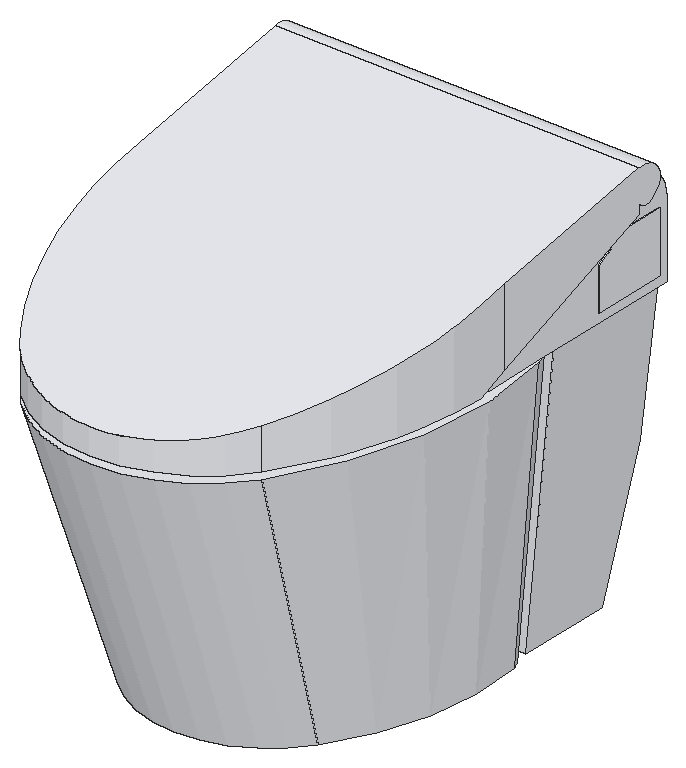
Revit family "Toilet-Elongated_Contemporary_Neorest_MS980CMG_TOTO", category Plumbing Fixtures, host Face, Revit 2013
Parameters (values of type "MS980CMG")
  ecoScorecard_data = "http://toto.ecoscorecard.com/product/MS980CMG"
  ecoScorecard Product Page = "http://toto.ecoscorecard.com/product/MS980CMG"
  Width = 15 5/16"  # constant formula
  WaterSense = no
  Waste Connection Wall Offset = 12"
  Waste Connection Radius = 2"
  Waste Connection NPT Radius = 1 7/32"  # constant formula
  Waste Connection = yes
  Warranty URL = "http://www.totousa.com/warranty-registration"
  Warranty = "Three year Limited (Residential), One Year Limited (Commercial)"  # constant formula
  WFU = 0
  Voltage = 120 V
  Vent Connection = yes
  URL = "http://www.totousa.com"
  Toto BIM Number = "BM-00298"  # constant formula
  Supply Connection Offset from Center = 5 63/64"
  Supply Connection Height Offset = 5 63/64"
  Subcategory = "Toilets"  # constant formula
  Style = "Contemporary"  # constant formula
  Spec Sheet URL = "http://assets.totousa.com/product-files/SS-00163_MS980CMG.pdf"
  Shipping Weight = 112.00 lbf
  Series = "Neorest"  # constant formula
  Seat Material = "Plastic"  # constant formula
  Seat Finish = Plastic - TOTO - 01 Cotton
  SanoGloss Available = yes
  Rough in Distance = 12"  # constant formula
  Rough in Availability = "12”"  # constant formula
  Product Page URL = " "
  Parts Manual URL = " "
  Owners Manual URL = "  "
  Number of Poles = 1
  Mount Type = "Floor-Mounted"  # constant formula
  Model = "MS980CMG"  # constant formula
  Manufacturer Phone - Toll Free = "1-888-295-8134"  # constant formula
  Manufacturer Phone = "(770) 282-8686 "  # constant formula
  Manufacturer Fax = "(770) 282-0002"  # constant formula
  Manufacturer Email = "mailto:custservice@totousa.com "
  Manufacturer Address = "1155 Southern Road, Morrow, Georgia 30260"  # constant formula
  Manufacturer = "TOTO USA, Inc."  # constant formula
  Lid [instance] = yes
  Length = 26 1/2"  # constant formula
  Installation URL = " "
  Industry Standards = "Meets and exceeds ASME A112.19.2/CSA B45.1"  # constant formula
  Height = 21 3/8"  # constant formula
  HWFU = 0
  HW Connection = no
  Gallons Per Flush = 1.6 gal
  Frequency = 60 Hz
  Flush System = "Cyclone Siphon Jet"  # constant formula
  Finish = Vitreous China - TOTO - 01 Cotton
  Dual Gallons Per Flush = "1.6 Gallons / 0.9 Gallons"  # constant formula
  Dual Flush = yes
  Description = "NeorestÂ® 550 Dual Flush Toilet, 1.6 GPF with SanaGlossÂ®"  # constant formula
  Default Elevation = 0"
  Cost Info = "mailto:custservice@totousa.com "
  Color Availability = "#01 Cotton, #03 Bone, #12 Sedona Beige"  # constant formula
  Cold Water Connection NPT Radius = 3/16"  # constant formula
  Code Compliance = "UPC, IPC, NSPC, NPC Canada, and others"  # constant formula
  Certifications = "IAPMO (cUPC), State of Massachusetts, City of Los Angeles, and others"  # constant formula
  CWFU = 0
  CW Connection = yes
  CAD Drawing URL = "http://assets.totousa.com/product-files/AD-00171_MS980CMG.dxf"
  Bowl Material = "Vitreous China"  # constant formula
  Assembly Code = "D2010110"
  Apparent Power = 1281 W
  ADA Compliant = yes
  95 CSI = "15410-800 "  # constant formula
  04 CSI = "22 42 13"  # constant formula
Reference planes (in)
  plane 1 "Center (Front/Back)": y = 0.25
  plane 2: z = 0
  plane 3 "Center (Left/Right)": x = 0
  plane 4: z = 14.76166
  plane 5: z = 10.18291
  plane 6: x = -7.54687
  plane 7: x = 7.625
  plane 8: y = -11.875
  plane 9: y = 12.375
  plane 10: y = 7.46388
  plane 11: z = 21.89374
Forms (in)
  Blend 1, solid, material "Vitreous China - TOTO - 01 Cotton" <- "Finish"
    base sketch origin (-60, -180.25, 16.14173) x (-1, 0, 0) y (0, -1, 0)
      loop
        arc (-52.77013, -187.72099) -> (-51.51743, -187.28007) -> (-50.81707, -186.15173) r 2
        arc (-50.81707, -186.15173) -> (-50.69768, -178.4162) -> (-53.62356, -171.25436) r 19.31454
        arc (-53.62356, -171.25436) -> (-60.00488, -167.84527) -> (-66.38619, -171.25436) r 7.67697
        arc (-66.38619, -171.25436) -> (-69.30976, -178.41826) -> (-69.18158, -186.15468) r 19.28147
        arc (-69.18158, -186.15468) -> (-68.48069, -187.28102) -> (-67.22917, -187.72099) r 2
        line (-67.22917, -187.72099) -> (-52.77013, -187.72099)
    top sketch origin (-60, -180.25, 16.14173) x (-1, 0, 0) y (0, -1, 0)
      loop
        line (-65.78214, -187.71033) -> (-54.22761, -187.71033)
        arc (-54.22761, -187.71033) -> (-53.10958, -187.36864) -> (-52.37356, -186.46033) r 2
        arc (-52.37356, -186.46033) -> (-52.59861, -181.16342) -> (-54.69802, -176.29511) r 14.61871
        arc (-54.69802, -176.29511) -> (-60.01245, -173.45598) -> (-65.32688, -176.29511) r 6.39347
        arc (-65.32688, -176.29511) -> (-67.42243, -181.16397) -> (-67.63619, -186.46033) r 14.55999
        arc (-67.63619, -186.46033) -> (-66.90017, -187.36864) -> (-65.78214, -187.71033) r 2
    from -0.95423 to -16.14173
  Extrusion 2, solid, material "Vitreous China - TOTO - 01 Cotton" <- "Finish"
    sketch origin (0, 0, 0) x (0, 1, 0) y (0, 0, 1)
      loop
        line (7.46033, 0) -> (12.46033, 0)
        arc (12.46033, 0) -> (14.1063, 7.53786) -> (14.33287, 15.25) r 41.62666
        line (14.33287, 15.25) -> (7.46033, 15.25) -> (7.46033, 0)
    from -9.16753 to 9.0951
  Extrusion 3, void
    sketch origin (60, 14.74019, 48) x (1, 0, 0) y (0, 0, 1)
      loop
        line (-52.7593, -48) -> (-50.9049, -48) -> (-50.9049, -28.69541) -> (-52.7593, -48)
    from 0 to 7.27494
  Extrusion 4, void
    sketch origin (-60, 14.74019, 48) x (-1, 0, 0) y (0, 0, -1)
      loop
        line (-52.7593, 48) -> (-50.08247, 20.13378) -> (-50.08247, 48) -> (-52.7593, 48)
    from 0 to 7.27494
  Extrusion 5, solid, material "Vitreous China - TOTO - 01 Cotton" <- "Finish"
    sketch origin (0, 0, 0) x (0, 1, 0) y (0, 0, 1)
      loop
        line (14.49938, 15.1875) -> (14.49938, 19.25555)
        arc (14.49938, 19.25555) -> (14.22817, 20.20138) -> (13.49696, 20.85976) r 1.78485
        arc (13.49696, 20.85976) -> (13.45127, 20.88117) -> (13.413, 20.84827) r 0.04645
        arc (13.413, 20.84827) -> (13.0816, 20.25798) -> (12.52636, 19.87069) r 1.51657
        line (12.52636, 19.87069) -> (2.71563, 15.9069)
        arc (2.71563, 15.9069) -> (2.54007, 15.76473) -> (2.47401, 15.54868) r 0.38635
        line (2.47401, 15.54868) -> (2.47401, 15.5057)
        arc (2.47401, 15.5057) -> (2.56721, 15.2807) -> (2.79221, 15.1875) r 0.3182
        line (2.79221, 15.1875) -> (14.49938, 15.1875)
    from -8.67176 to 9.06725
  Extrusion 6, solid, material "Vitreous China - TOTO - 01 Cotton" <- "Finish"
    sketch origin (0, 0, 0) x (0, 1, 0) y (0, 0, 1)
      loop
        arc (13.23596, 21.41666) -> (12.68935, 21.82278) -> (12.00901, 21.85203) r 1.1596
        arc (12.00901, 21.85203) -> (11.65221, 20.66246) -> (12.655, 19.92979) r 1.07535
        arc (12.655, 19.92979) -> (13.02533, 20.19919) -> (13.29836, 20.56685) r 1.51657
        arc (13.29836, 20.56685) -> (13.38946, 21.00073) -> (13.23596, 21.41666) r 0.80144
    from -9.66753 to 9.5951
  Extrusion 7, solid, material "Vitreous China - TOTO - 01 Cotton" <- "Finish"
    sketch origin (-60, -180, 16.14173) x (-1, 0, 0) y (0, -1, 0)
      loop
        spline (-54.00766, -173.83573) -> (-53.9212, -173.73359) -> (-53.87971, -173.58259) -> (-53.88604, -173.39302) -> (-53.93974, -173.17779) -> (-54.03716, -172.95157) -> (-54.17166, -172.72979) -> (-54.33407, -172.52755) -> (-54.51332, -172.35864) -> (-54.6972, -172.23456) -> (-54.87318, -172.16378) -> (-55.02926, -172.15111) -> (-55.15481, -172.19743)
        spline (-55.15481, -172.19743) -> (-55.24127, -172.29956) -> (-55.28275, -172.45056) -> (-55.27643, -172.64014) -> (-55.22273, -172.85537) -> (-55.12531, -173.08158) -> (-54.99081, -173.30337) -> (-54.8284, -173.50561) -> (-54.64915, -173.67452) -> (-54.46527, -173.79859) -> (-54.28929, -173.86938) -> (-54.13321, -173.88204) -> (-54.00766, -173.83573)
      loop
        spline (-65.99234, -173.83573) -> (-65.86679, -173.88204) -> (-65.71071, -173.86938) -> (-65.53473, -173.79859) -> (-65.35085, -173.67452) -> (-65.1716, -173.50561) -> (-65.00919, -173.30337) -> (-64.87469, -173.08158) -> (-64.77727, -172.85537) -> (-64.72357, -172.64014) -> (-64.71725, -172.45056) -> (-64.75873, -172.29956) -> (-64.84519, -172.19743)
        spline (-64.84519, -172.19743) -> (-64.97074, -172.15111) -> (-65.12682, -172.16378) -> (-65.3028, -172.23456) -> (-65.48668, -172.35864) -> (-65.66593, -172.52755) -> (-65.82834, -172.72979) -> (-65.96284, -172.95157) -> (-66.06026, -173.17779) -> (-66.11396, -173.39302) -> (-66.12029, -173.58259) -> (-66.0788, -173.73359) -> (-65.99234, -173.83573)
      loop
        spline (-52.60889, -180.00568) -> (-52.76908, -180.03605) -> (-52.91836, -180.1251) -> (-53.04654, -180.26674) -> (-53.14491, -180.45133) -> (-53.20674, -180.6663) -> (-53.22783, -180.89698) -> (-53.20674, -181.12767) -> (-53.14491, -181.34264) -> (-53.04654, -181.52723) -> (-52.91836, -181.66887) -> (-52.76908, -181.75792) -> (-52.60889, -181.78829)
        spline (-52.60889, -181.78829) -> (-52.4487, -181.75792) -> (-52.29942, -181.66887) -> (-52.17124, -181.52723) -> (-52.07288, -181.34264) -> (-52.01105, -181.12767) -> (-51.98996, -180.89698) -> (-52.01105, -180.6663) -> (-52.07288, -180.45133) -> (-52.17124, -180.26674) -> (-52.29942, -180.1251) -> (-52.4487, -180.03605) -> (-52.60889, -180.00568)
      loop
        spline (-67.39111, -180.00568) -> (-67.5513, -180.03605) -> (-67.70058, -180.1251) -> (-67.82876, -180.26674) -> (-67.92712, -180.45133) -> (-67.98895, -180.6663) -> (-68.01004, -180.89698) -> (-67.98895, -181.12767) -> (-67.92712, -181.34264) -> (-67.82876, -181.52723) -> (-67.70058, -181.66887) -> (-67.5513, -181.75792) -> (-67.39111, -181.78829)
        spline (-67.39111, -181.78829) -> (-67.23092, -181.75792) -> (-67.08164, -181.66887) -> (-66.95346, -181.52723) -> (-66.85509, -181.34264) -> (-66.79326, -181.12767) -> (-66.77217, -180.89698) -> (-66.79326, -180.6663) -> (-66.85509, -180.45133) -> (-66.95346, -180.26674) -> (-67.08164, -180.1251) -> (-67.23092, -180.03605) -> (-67.39111, -180.00568)
    from -1.24413 to -0.54851
  Extrusion 8, solid, material "Vitreous China - TOTO - 01 Cotton" <- "Finish"
    sketch origin (9.06725, 0, 0) x (0, 1, 0) y (0, 0, 1)
      loop
        line (11.46632, 18.99294) -> (9.95848, 17.97589) -> (9.95848, 15.74294) -> (13.95848, 15.74294) -> (13.95848, 18.99294) -> (11.46632, 18.99294)
    from 0 to 0.07561
  Extrusion 9, solid, material "Vitreous China - TOTO - 01 Cotton" <- "Finish"
    sketch origin (0, 0, 0) x (0, 1, 0) y (0, 0, 1)
      loop
        line (-12.40473, 16.95792) -> (-12.40473, 15.56031) -> (1.49191, 15.56031) -> (12.655, 19.92979)
        arc (12.655, 19.92979) -> (11.6415, 20.69616) -> (12.06611, 21.89374) r 1.07535
        arc (12.06611, 21.89374) -> (-0.2087, 19.62109) -> (-12.40473, 16.95792) r 391.16777
    from -10.47421 to 11.24779
  Extrusion 10, void
    sketch origin (0, 0, 0) x (1, 0, 0) y (0, 1, 0)
      loop
        line (-9.66753, 12.00901) -> (-9.66753, 3.04412)
        arc (-9.66753, 3.04412) -> (-9.00165, -3.24356) -> (-6.37644, -8.99564) r 19.68177
        arc (-6.37644, -8.99564) -> (0.00488, -12.40473) -> (6.38619, -8.99564) r 7.67697
        arc (6.38619, -8.99564) -> (8.98998, -3.24211) -> (9.5951, 3.04412) r 19.28147
        line (9.5951, 3.04412) -> (9.5951, 12.00901) -> (-9.66753, 12.00901)
      loop
        line (-12.90966, -17.27885) -> (14.71495, -17.27885) -> (14.71495, 20.38823) -> (-12.90966, 20.38823) -> (-12.90966, -17.27885)
    from 10.74564 to 23.47659
Cuts and joins
  Extrusion 4 cuts Blend 1
  Extrusion 3, Extrusion 4 cuts Extrusion 2
  Extrusion 10 cuts Extrusion 7
  Extrusion 10 cuts Extrusion 9
  joined: Blend 1, Extrusion 2, Extrusion 5, Extrusion 6, Extrusion 7, Extrusion 8, Extrusion 9
Lines and regions (in)
  Masking region 1
    outline origin (-60, -180, 16.14173) x (-1, 0, 0) y (0, -1, 0)
      loop
        line (-69.5951, -180.31784) -> (-69.5951, -193.39161) -> (-69.14286, -193.39161) -> (-69.14286, -193.95848) -> (-69.06725, -193.95848) -> (-69.06725, -194.49938) -> (-51.32824, -194.49938) -> (-51.32824, -193.39161) -> (-50.33247, -193.39161) -> (-50.33247, -180.31784)
        arc (-50.33247, -180.31784) -> (-50.67253, -176.65368) -> (-51.73019, -173.12904) r 18.5237
        arc (-51.73019, -173.12904) -> (-59.96379, -167.88157) -> (-68.19738, -173.12904) r 9.08324
        arc (-68.19738, -173.12904) -> (-69.25504, -176.65368) -> (-69.5951, -180.31784) r 18.5237
      loop
        line (-50.37617, -192.01944) -> (-50.37617, -191.98871) -> (-69.57027, -191.98871) -> (-69.57027, -192.01944) -> (-50.37617, -192.01944)
Dimensions and locks (in)
  plane 7 to plane 6 = 15 11/64"
  aligned and locked: plane 2 to host face
  aligned and locked: level to host face
  aligned and locked: Extrusion 8 to Extrusion 5
